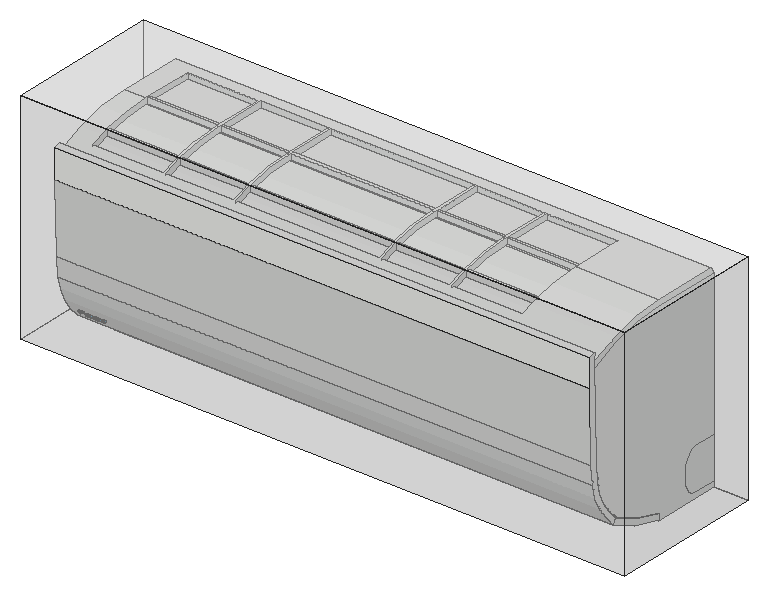
Revit family "outputfile", category 機械設備, Revit 2024
Family settings
  丸型コネクタ寸法 = 半径を使用
  パーツ タイプ = 標準
  OmniClass 番号 = 23.75.10.24.21.27.27
  OmniClass タイトル = Split System Air Conditioning Units
  作業面ベース = いいえ
  常に垂直 = はい
  ロード時にボイドで切り取り = いいえ
  注釈の向きを維持 = いいえ
  共有 = いいえ
  部屋計算ポイント = いいえ
Parameters (values of type "CTKP35VVMG")
  Description = ""
  書き出し IFC クラス(タイプ) = "IfcUnitaryEquipmentType"
  定義済み IFC タイプ(タイプ) = "AIRCONDITIONINGUNIT"
  Cost = 0
  Type Comments = ""
  Keynote = ""
  Type Image = (empty or 0)
  Assembly Code = ""
  w_wall hole = if(Width = 770.0 mm, 48.0 mm, 60.0 mm)  # 48.0 mm
  製造元 = "Daikin"
  モデル = "CTKP35VVMG"
  switch_frequency = yes
  r_Liquid Pipe Size = Liquid Pipe Size / 2  # 3.2 mm
  r_Gas Pipe Size = Gas Pipe Size / 2  # 4.75 mm
  r_Drain Pipe Size = Drain Pipe Size / 2  # 8.0 mm
  lw_powersupply [instance] = if(Width = 770.0 mm, if(or(Rear Right Connection_refrigerant, Bottom Right Connection_refrigerant), 25.0 mm, if(or(Rear Left Connection_refrigerant, Bottom Left Connection_refrigerant), 745.0 mm, 400.0 mm)), if(Width = 990.0 mm, if(or(Rear Right Connection_refrigerant, Bottom Right Connection_refrigerant), 40.0 mm, if(or(Rear Left Connection_refrigerant, Bottom Left Connection_refrigerant), 920.0 mm, 400.0 mm)), if(or(Rear Right Connection_refrigerant, Bottom Right Connection_refrigerant), 40.0 mm, if(or(Rear Left Connection_refrigerant, Bottom Left Connection_refrigerant), 920.0 mm, 400.0 mm))))  # 400.0 mm
  lw_liquidpipe [instance] = if(Width = 770.0 mm, if(or(Rear Right Connection_refrigerant, Bottom Right Connection_refrigerant), 0.0 mm, if(or(Rear Left Connection_refrigerant, Bottom Left Connection_refrigerant), 664.0 mm, 385.0 mm)), if(Width = 990.0 mm, if(or(Rear Right Connection_refrigerant, Bottom Right Connection_refrigerant), 0.0 mm, if(or(Rear Left Connection_refrigerant, Bottom Left Connection_refrigerant), 664.0 mm + (990.0 mm - 770.0 mm), 475.0 mm)), if(or(Rear Right Connection_refrigerant, Bottom Right Connection_refrigerant), 0.0 mm, if(or(Rear Left Connection_refrigerant, Bottom Left Connection_refrigerant), 664.0 mm + (990.0 mm - 770.0 mm), 475.0 mm))))  # 385.0 mm
  lw_gaspipe [instance] = if(Width = 770.0 mm, if(or(Rear Right Connection_refrigerant, Bottom Right Connection_refrigerant), 0.0 mm, if(or(Rear Left Connection_refrigerant, Bottom Left Connection_refrigerant), 675.0 mm, if(Gas Pipe Size = 12.7 mm, 345.0 mm, 335.0 mm))), if(Width = 990.0 mm, if(or(Rear Right Connection_refrigerant, Bottom Right Connection_refrigerant), 10.0 mm, if(or(Rear Left Connection_refrigerant, Bottom Left Connection_refrigerant), 890.0 mm, if(Gas Pipe Size = 15.9 mm, 400.0 mm, 400.0 mm))), if(or(Rear Right Connection_refrigerant, Bottom Right Connection_refrigerant), 10.0 mm, if(or(Rear Left Connection_refrigerant, Bottom Left Connection_refrigerant), 890.0 mm, if(Gas Pipe Size = 15.9 mm, 400.0 mm, 400.0 mm)))))  # 335.0 mm
  lw_drainpipe [instance] = if(Width = 770.0 mm, if(or(Rear Right Connection_refrigerant, Bottom Right Connection_refrigerant), 0.0 mm, if(or(Rear Left Connection_refrigerant, Bottom Left Connection_refrigerant), 770.0 mm - 48.0 mm - 48.0 mm, 440.0 mm)), if(Width = 990.0 mm, if(or(Rear Right Connection_refrigerant, Bottom Right Connection_refrigerant), 0.0 mm, if(or(Rear Left Connection_refrigerant, Bottom Left Connection_refrigerant), 675.0 mm + (990.0 mm - 770.0 mm), 435.0 mm)), if(or(Rear Right Connection_refrigerant, Bottom Right Connection_refrigerant), 0.0 mm, if(or(Rear Left Connection_refrigerant, Bottom Left Connection_refrigerant), 675.0 mm + (990.0 mm - 770.0 mm), 435.0 mm))))  # 440.0 mm
  l_powersupply_length [instance] = if(Width = 770.0 mm, if(Right Connection_refrigerant, 400.0 mm, if(Left Connection_refrigerant, 770.0 mm - 400.0 mm, if(or(Rear Left Connection_refrigerant, Rear Right Connection_refrigerant), 15.0 mm, 50.0 mm))), if(Width = 990.0 mm, if(Right Connection_refrigerant, 400.0 mm, if(Left Connection_refrigerant, 990.0 mm - 400.0 mm, if(or(Rear Left Connection_refrigerant, Rear Right Connection_refrigerant), 15.0 mm, 50.0 mm))), if(Right Connection_refrigerant, 400.0 mm, if(Left Connection_refrigerant, 990.0 mm - 400.0 mm, if(or(Rear Left Connection_refrigerant, Rear Right Connection_refrigerant), 15.0 mm, 50.0 mm)))))  # 400.0 mm
  l_liquidpipe_length [instance] = if(Width = 770.0 mm, if(Right Connection_refrigerant, 433.0 mm, if(Left Connection_refrigerant, 337.0 mm, if(or(Rear Left Connection_refrigerant, Rear Right Connection_refrigerant), 30.0 mm, 40.0 mm))), if(Width = 990.0 mm, if(Right Connection_refrigerant, 535.0 mm, if(Left Connection_refrigerant, 455.0 mm, if(or(Rear Left Connection_refrigerant, Rear Right Connection_refrigerant), 30.0 mm, 40.0 mm))), if(Right Connection_refrigerant, 535.0 mm, if(Left Connection_refrigerant, 455.0 mm, if(or(Rear Left Connection_refrigerant, Rear Right Connection_refrigerant), 30.0 mm, 40.0 mm)))))  # 433.0 mm
  l_gaspipe_length [instance] = if(Width = 770.0 mm, if(Right Connection_refrigerant, if(Gas Pipe Size = 12.7 mm, 393.0 mm, 383.0 mm), if(Left Connection_refrigerant, if(Gas Pipe Size = 12.7 mm, 770.0 mm - 393.0 mm, 770.0 mm - 383.0 mm), if(or(Rear Left Connection_refrigerant, Rear Right Connection_refrigerant), 40.0 mm, 50.0 mm))), if(Width = 990.0 mm, if(Right Connection_refrigerant, if(Gas Pipe Size = 15.9 mm, 460.0 mm, 460.0 mm), if(Left Connection_refrigerant, if(Gas Pipe Size = 15.9 mm, 990.0 mm - 460.0 mm, 990.0 mm - 460.0 mm), if(or(Rear Left Connection_refrigerant, Rear Right Connection_refrigerant), 40.0 mm, 50.0 mm))), if(Right Connection_refrigerant, if(Gas Pipe Size = 15.9 mm, 460.0 mm, 460.0 mm), if(Left Connection_refrigerant, if(Gas Pipe Size = 15.9 mm, 990.0 mm - 460.0 mm, 990.0 mm - 460.0 mm), if(or(Rear Left Connection_refrigerant, Rear Right Connection_refrigerant), 40.0 mm, 50.0 mm)))))  # 383.0 mm
  l_drainpipe_length [instance] = if(Width = 770.0 mm, if(Right Connection_refrigerant, 488.0 mm, if(Left Connection_refrigerant, 282.0 mm, if(or(Rear Left Connection_refrigerant, Rear Right Connection_refrigerant), 15.0 mm, 20.0 mm))), if(Width = 990.0 mm, if(Right Connection_refrigerant, 495.0 mm, if(Left Connection_refrigerant, 495.0 mm, if(or(Rear Left Connection_refrigerant, Rear Right Connection_refrigerant), 15.0 mm, 20.0 mm))), if(Right Connection_refrigerant, 495.0 mm, if(Left Connection_refrigerant, 495.0 mm, if(or(Rear Left Connection_refrigerant, Rear Right Connection_refrigerant), 15.0 mm, 20.0 mm)))))  # 488.0 mm
  h*** = 0.0 mm  # constant formula
  connector_voltage = Voltage_50Hz  # 230 V
  connector_powerinput = [Power Input (Cooling)]  # 0.000 kW
  connector_phase = Phase_50Hz  # 1
  angle_vertical [instance] = if(or(Bottom Left Connection_refrigerant, Bottom Right Connection_refrigerant), 0.00°, 90.00°)  # 90.00°
  angle_horizontal [instance] = if(Right Connection_refrigerant, 90.00°, if(Left Connection_refrigerant, -90.00°, if(or(Rear Left Connection_refrigerant, Rear Right Connection_refrigerant), 180.00°, 0.00°)))  # 90.00°
  Width = 770.0 mm
  Voltage_comment_50Hz = "220 - 240"
  Voltage_50Hz = 230 V
  Version = "ver.1.0"
  Unit Type = "Wall Mounted"
  Unit Mass Weight = 8.00 kg
  Unit Designation [instance] = ""
  Uniclass2015Version = "Products v1.30"
  Uniclass2015Title = "Split coil room air conditioning units"
  Uniclass2015Code = "Pr_70_65_03_86"
  URL = ""
  Total Cooling Capacity [instance] = 0.000 kW
  Sound Pressure Level_M speed (dBA) = 36
  Sound Pressure Level_L speed (dBA) = 26
  Sound Pressure Level_H speed (dBA) = 44
  Sound Power Level_H speed (dB) = 0
  Series = "Multi Split_Fan Coil Unit"
  Sensible Cooling Capacity [instance] = 0.000 kW
  Refrigerant Type = "R32"
  Power Input (Cooling) = 0.000 kW
  Phase_50Hz = 1
  Option Accessory 3 [instance] = ""
  Option Accessory 2 [instance] = ""
  Option Accessory 1 [instance] = ""
  Nominal Cooling Capacity = 3.500 kW
  Minimum Circuit Amps_50Hz = 0.0 A
  Minimum Airflow = 330.00 m³/h
  Median Airflow = 534.00 m³/h
  Maximum Fuse Amps_50Hz = 0.0 A
  Maximum Airflow = 720.00 m³/h
  Material_Casing = DAIKIN_White_Casing_indoorunit
  Load Classification = HVAC
  Liquid Pipe Size = 6.4 mm
  Link_Nested Family [instance] = ""
  IfcVersion = ""
  IfcExportType = "AIRCONDITIONINGUNIT"
  IfcExportAs = "IfcUnitaryEquipmentType"
  Height = 285.0 mm
  Heat Exchanger Type = "Cross Fin Coil"
  Gas Pipe Size = 9.5 mm
  Frequency_50Hz = 50 Hz
  Fan Type = "Cross Flow Fan"
  Fan Drive = "Direct Drive"
  FCU Tag No. [instance] = ""
  Drain Pipe Size = 16.0 mm
  Design Supply Airflow [instance] = 0.00 m³/h
  Depth = 223.0 mm
  既定の高さ = 0.0 mm
  Cooling Entering Wet Bulb Temperature [instance] = 0.00 °C
  Cooling Entering Dry Bulb Temperature [instance] = 0.00 °C
  Cooling Ambient Wet Bulb Temperature [instance] = 0.00 °C
  Cooling Ambient Dry Bulb Temperature [instance] = 0.00 °C
  Clearance visibility [instance] = yes
  Clearance Top = 30.0 mm
  Clearance Right = 50.0 mm
  Clearance Rear = 0.0 mm
  Clearance Left = 50.0 mm
  Clearance Front = 0.0 mm
  Clearance Bottom = 0.0 mm
  Bottom Right Connection_refrigerant [instance] = no
  Bottom Left Connection_refrigerant [instance] = no
  Rear Right Connection_refrigerant [instance] = no
  Rear Left Connection_refrigerant [instance] = no
  Right Connection_refrigerant [instance] = yes
  Left Connection_refrigerant [instance] = no
Reference planes
  plane 1 "Back": y = 0
  plane 2: z = 0
  plane 3 "Center (Left/Right)": x = 0
  plane 4 "Center (Front/Back)": y = -111.5
  plane 5 "Front": y = -223
  plane 6 "Left": x = -385
  plane 7 "Right": x = 385
  plane 8 "Top": z = 0
  plane 9 "Bottom": z = -285
  plane 10: x = -435
  plane 11: x = 435
  plane 12: y = 0
  plane 13: y = -223
  plane 14: z = 30
  plane 15: z = -285
  plane 16 "lw_Piping and Wiring intake": x = 337
  plane 17 "lw_gaspipe": x = 2
  plane 18 "lw_liquidpipe": x = -48
  plane 19 "lw_drainpipe": x = -103
  plane 20 "lh_drainpipe": z = -265
  plane 21 "lh_liquidpipe": z = -245
  plane 22 "lh_gaspipe": z = -235
  plane 23 "ld_drainpipe": y = -15
  plane 24 "ld_liquidpipe": y = -30
  plane 25 "ld_gaspipe": y = -40
  plane 26 "lw_powersupply": x = -15
Dimensions and locks
  equal spacing: plane 6 "Left", plane 3 "Center (Left/Right)", plane 7 "Right"
  "Width": plane 6 "Left" to plane 7 "Right"
  equal spacing: plane 5 "Front", plane 4 "Center (Front/Back)", plane 1 "Back"
  "Depth": plane 5 "Front" to plane 1 "Back"
  "Height": plane 8 "Top" to plane 9 "Bottom"
  "Clearance Rear": plane 12 to plane 1 "Back"
  "Clearance Front": plane 13 to plane 5 "Front"
  "Clearance Top": plane 14 to plane 8 "Top"
  "Clearance Bottom": plane 9 "Bottom" to plane 15
  "w_wall hole": plane 16 "lw_Piping and Wiring intake" to plane 7 "Right"
  "lw_gaspipe": plane 17 "lw_gaspipe" to plane 16 "lw_Piping and Wiring intake"
  "lw_liquidpipe": plane 18 "lw_liquidpipe" to plane 16 "lw_Piping and Wiring intake"
  "lw_drainpipe": plane 19 "lw_drainpipe" to plane 16 "lw_Piping and Wiring intake"
  locked: plane 20 "lh_drainpipe" to plane 9 "Bottom" at 20
  locked: plane 21 "lh_liquidpipe" to plane 9 "Bottom" at 40
  locked: plane 22 "lh_gaspipe" to plane 9 "Bottom" at 50
  locked: plane 23 "ld_drainpipe" to plane 1 "Back" at 15
  locked: plane 1 "Back" to plane 24 "ld_liquidpipe" at 30
  locked: plane 1 "Back" to plane 25 "ld_gaspipe" at 40
  "lw_powersupply": plane 26 "lw_powersupply" to plane 7 "Right"
  "Clearance Left": plane 10 to plane 6 "Left"
  "Clearance Right": plane 7 "Right" to plane 11
  aligned and locked: level to plane 2
  aligned and locked: plane 12 to nested 1
  aligned and locked: nested 1 to plane 13
  aligned and locked: plane 10 to nested 1
  aligned and locked: plane 11 to nested 1
  aligned and locked: plane 15 to nested 1
  aligned and locked: plane 14 to nested 1
  aligned and locked: plane 17 "lw_gaspipe" to nested 2
  aligned and locked: nested 2 to plane 25 "ld_gaspipe"
  aligned and locked: plane 18 "lw_liquidpipe" to nested 3
  aligned and locked: nested 3 to plane 24 "ld_liquidpipe"
  aligned and locked: plane 19 "lw_drainpipe" to nested 4
  aligned and locked: nested 4 to plane 23 "ld_drainpipe"
  aligned and locked: nested 5 to plane 23 "ld_drainpipe"
  aligned and locked: plane 26 "lw_powersupply" to nested 5
  aligned and locked: level to plane 8 "Top"
  aligned and locked: plane 3 "Center (Left/Right)" to nested 6
  aligned and locked: plane 1 "Back" to nested 6
  aligned and locked: plane 8 "Top" to nested 6
Nested families
  nested 1: "daikin_clearancespace" at (0, -111.5, -127.381), show <- "Clearance visibility", visible <- "Clearance visibility", Link_Nested Family <- "Link_Nested Family", type "daikin_clearancespace"
    with width 870.0 mm, show yes, height 315.0 mm, depth 223.0 mm, Link_Nested Family ""
  nested 2: "daikin_connector_rotate3" at (2, -40, -235), angle_vertical <- "angle_vertical", angle_horizontal <- "angle_horizontal", length <- "l_gaspipe_length", radius <- "r_Gas Pipe Size", type "daikin_connector_rotate3"
    with show no, radius 4.75 mm, length 383.0 mm, angle_vertical 90.00°, angle_horizontal 90.00°
  nested 3: "daikin_connector_rotate3" at (-48, -30, -245), angle_vertical <- "angle_vertical", angle_horizontal <- "angle_horizontal", radius <- "r_Liquid Pipe Size", length <- "l_liquidpipe_length", type "daikin_connector_rotate3"
    with show no, radius 3.2 mm, length 433.0 mm, angle_vertical 90.00°, angle_horizontal 90.00°
  nested 4: "daikin_connector_rotate3" at (-103, -15, -265), angle_vertical <- "angle_vertical", angle_horizontal <- "angle_horizontal", length <- "l_drainpipe_length", radius <- "r_Drain Pipe Size", type "daikin_connector_rotate3"
    with show no, radius 8.0 mm, length 488.0 mm, angle_vertical 90.00°, angle_horizontal 90.00°
  nested 5: "daikin_connector_rotate3" at (-15, -15, -235), angle_vertical <- "angle_vertical", angle_horizontal <- "angle_horizontal", length <- "l_powersupply_length", type "daikin_connector_rotate3"
    with show no, radius 10.0 mm, length 400.0 mm, angle_vertical 90.00°, angle_horizontal 90.00°
  nested 6: "DAIKIN_indoorunit_CTKP-VVMG" at (-31, 0, 0), type "CTKP-VVMG"
Connectors
  piping at (385, -40, -235), diameter 9.5, driven by "r_Gas Pipe Size"
    settings: on nested 2, index 1, connector inside diameter 609.6 mm, connector length 0.0 mm, flow factor 0, pipe flow 0.00 m³/h, pressure drop 0.0 Pa, fitting loss kfactor 0, connector angle 0.00°, fixture units 0, engagement length 0.0 mm, angle of deflection 0.00°, flow configuration 1, flow direction 2, fitting loss method 0, system type 29, joint type 0, gender type 0, connector reference index -1, connector utility 0, adjustable connector no, is connector primary yes, connector description "Refrigerant Gas Piping"
  piping at (385, -30, -245), diameter 6.4, driven by "r_Liquid Pipe Size"
    settings: on nested 3, index 2, connector inside diameter 609.6 mm, connector length 0.0 mm, flow factor 0, pipe flow 0.00 m³/h, pressure drop 0.0 Pa, fitting loss kfactor 0, connector angle 0.00°, fixture units 0, engagement length 0.0 mm, angle of deflection 0.00°, flow configuration 1, flow direction 1, fitting loss method 0, system type 29, joint type 0, gender type 0, connector reference index -1, connector utility 0, adjustable connector no, is connector primary no, connector description "Refrigerant Liquid Piping"
  piping at (385, -15, -265), diameter 16, driven by "r_Drain Pipe Size"
    settings: on nested 4, index 3, connector inside diameter 609.6 mm, connector length 0.0 mm, flow factor 0, pipe flow 0.00 m³/h, pressure drop 0.0 Pa, fitting loss kfactor 0, connector angle 0.00°, fixture units 0, engagement length 0.0 mm, angle of deflection 0.00°, flow configuration 1, flow direction 2, fitting loss method 4, system type 16, joint type 0, gender type 0, connector reference index -1, connector utility 0, adjustable connector no, is connector primary no, connector description "Condensate Drain Piping"
  electrical at (385, -15, -235), driven by "Load Classification", driven by "connector_powerinput", driven by "connector_voltage", driven by "connector_phase"
    settings: on nested 5, index 4, voltage 230 V, apparent load 0 VA, apparent load phase1 0 VA, apparent load phase2 0 VA, apparent load phase3 0 VA, power factor 1, load classification "HVAC", number of poles 1, system type 30, power factor state 1, is connector primary yes, connector utility no, sub classification motor no, connector description "Power Supply"
Definition of nested family "daikin_clearancespace"
  Parameters (values of type "daikin_clearancespace")
    Description = "daikin_clearancespace"
    width [instance] = 1823.963 mm
    show [instance] = yes
    material = none
    height [instance] = 1359.762 mm
    depth [instance] = 880.0 mm
    Default Elevation = 0.0 mm
    Link_Nested Family [instance] = ""
  Reference planes
    plane 1 "Center (Front/Back)": y = 0
    plane 2 "Center (Elevation)": z = -0.119
    plane 3 "Center (Left/Right)": x = 0
    plane 4: y = 440
    plane 5: y = -440
    plane 6 "Right": x = 911.982
    plane 7 "Left": x = -911.982
    plane 8 "Top": z = 679.762
    plane 9 "Bottom": z = -680
  Forms (mm)
    Extrusion 1, solid, material <- "material", visible <- "show"
      sketch origin (0, 0, 0) x (1, 0, 0) y (0, 1, 0)
        loop
          line (-911.982, 440) -> (-911.982, -440) -> (911.982, -440) -> (911.982, 440) -> (-911.982, 440)
      from -680 to 679.762
  Lines and regions (mm)
    symbolic lines, visible <- "show"
      curve 1: line (911.982, 440, 0) -> (-911.982, 440, 0)
      curve 2: line (-911.982, 440, 0) -> (-911.982, -440, 0)
      curve 3: line (-911.982, -440, 0) -> (911.982, -440, 0)
      curve 4: line (911.982, -440, 0) -> (911.982, 440, 0)
      curve 5: line (911.982, 0, 679.762) -> (-911.982, 0, 679.762)
      curve 6: line (911.982, 0, -680) -> (911.982, 0, 679.762)
      curve 7: line (-911.982, 0, -680) -> (911.982, 0, -680)
      curve 8: line (-911.982, 0, 679.762) -> (-911.982, 0, -680)
      curve 9: line (0, 440, 679.762) -> (0, -440, 679.762)
      curve 10: line (0, -440, 679.762) -> (0, -440, -680)
      curve 11: line (0, 440, -680) -> (0, 440, 679.762)
      curve 12: line (0, -440, -680) -> (0, 440, -680)
  Dimensions and locks
    "width": plane 7 "Left" to plane 6 "Right"
    "depth": plane 4 to plane 5
    "height": plane 8 "Top" to plane 9 "Bottom"
    equal spacing: plane 7 "Left", plane 3 "Center (Left/Right)", plane 6 "Right"
    equal spacing: plane 4, plane 1 "Center (Front/Back)", plane 5
    equal spacing: plane 8 "Top", plane 2 "Center (Elevation)", plane 9 "Bottom"
    aligned and locked: level to plane 2 "Center (Elevation)"
    aligned and locked: Extrusion 1 sketch curve to plane 4
    aligned and locked: plane 7 "Left" to Extrusion 1 sketch curve
    aligned and locked: Extrusion 1 sketch curve to plane 5
    aligned and locked: Extrusion 1 sketch curve to plane 6 "Right"
    aligned and locked: plane 8 "Top" to Extrusion 1
    aligned and locked: curve 1 to Extrusion 1
    aligned and locked: curve 2 to Extrusion 1
    aligned and locked: curve 3 to Extrusion 1
    aligned and locked: curve 4 to Extrusion 1
    aligned and locked: curve 5 to Extrusion 1
    aligned and locked: curve 6 to Extrusion 1
    aligned and locked: curve 7 to Extrusion 1
    aligned and locked: curve 8 to Extrusion 1
    aligned and locked: curve 9 to Extrusion 1
    aligned and locked: curve 10 to Extrusion 1
    aligned and locked: curve 11 to Extrusion 1
    aligned and locked: curve 12 to Extrusion 1
    aligned and locked: Extrusion 1 to plane 9 "Bottom"
Definition of nested family "DAIKIN_indoorunit_CTKP-VVMG"
  Parameters (values of type "CTKP-VVMG")
    switch_unit1_60 = Width = 990.0 mm  # no
    switch_unit1_25-50 = Width = 770.0 mm  # yes
    Width = 770.0 mm
    WALL HOLE-R = if(Width = 770.0 mm, 48.0 mm, 60.0 mm)  # 48.0 mm
    WALL HOLE Size = if(Width = 770.0 mm, 65.0 mm, 80.0 mm)  # 65.0 mm
    Material_Casing = none
    Height = if(Width = 770.0 mm, 285.0 mm, 295.0 mm)  # 285.0 mm
    Default Elevation = 0.0 mm
  Reference planes
    plane 1 "Center (Front/Back)": y = 0
    plane 2 "reference_level": z = 0
    plane 3 "Center (Left/Right)": x = 31
    plane 4: x = -354
    plane 5: x = 416
    plane 6: z = -285
  Forms (mm)
    Extrusion 1, solid, material <- "Material_Casing", visible <- "switch_unit1_25-50"
      sketch origin (29, 0, 0) x (0, 1, 0) y (0, 0, 1)
        loop
          line (-5, 0) -> (-98, 0)
          arc (-98, 0) -> (-157.611, -7.211) -> (-213.783, -28.427) r 250
          arc (-213.783, -28.427) -> (-213.842, -32.972) -> (-213.892, -37.516) r 2191
          arc (-213.892, -37.516) -> (-157.832, -15.495) -> (-98.07, -8) r 242
          line (-98.07, -8) -> (0, -8) -> (-5, 0)
      from -383 to 387
    Extrusion 2, solid, material <- "Material_Casing", visible <- "switch_unit1_25-50"
      sketch origin (416, 1296.25, 1200) x (0, 1, 0) y (0, 0, 1)
        loop
          line (-1472.998, -1446.91) -> (-1476.998, -1453.839)
          arc (-1476.998, -1453.839) -> (-1437.481, -1472.422) -> (-1395.25, -1483.538) r 240
          line (-1395.25, -1483.538) -> (-1395.25, -1475.422)
          arc (-1395.25, -1475.422) -> (-1435.407, -1464.663) -> (-1472.998, -1446.91) r 232
      from 0 to -47.5
    Extrusion 3, solid, material <- "Material_Casing", visible <- "switch_unit1_25-50"
      sketch origin (29, 0, 0) x (0, 1, 0) y (0, 0, 1)
        loop
          arc (-223, -60.455) -> (-222.414, -110.646) -> (-220.656, -160.81) r 2149.92
          arc (-220.656, -160.81) -> (-219.65, -174.299) -> (-217.853, -187.706) r 229.911
          arc (-217.853, -187.706) -> (-205.371, -223.594) -> (-181.517, -253.17) r 111
          line (-181.517, -253.17) -> (-177.429, -246.093)
          arc (-177.429, -246.093) -> (-198.77, -218.989) -> (-209.965, -186.36) r 103
          arc (-209.965, -186.36) -> (-211.681, -173.586) -> (-212.651, -160.735) r 221.844
          arc (-212.651, -160.735) -> (-214.739, -93.233) -> (-214.74, -25.699) r 2186.828
          arc (-214.74, -25.699) -> (-214.671, -21.467) -> (-214.594, -17.235) r 2192
          line (-214.594, -17.235) -> (-223, -19.961) -> (-223, -60.455)
      from -383 to 387
    Extrusion 4, solid, material <- "Material_Casing", visible <- "switch_unit1_25-50"
      sketch origin (29, 0, -20) x (0, 1, 0) y (0, 0, 1)
        loop
          line (0, -265) -> (0, 12) -> (-98.07, 12)
          arc (-98.07, 12) -> (-157.832, 4.505) -> (-213.892, -17.516) r 242
          arc (-213.892, -17.516) -> (-213.638, -79.114) -> (-211.653, -140.681) r 2191
          arc (-211.653, -140.681) -> (-210.685, -153.501) -> (-208.973, -166.243) r 221
          arc (-208.973, -166.243) -> (-197.471, -199.282) -> (-175.482, -226.491) r 102
          arc (-175.482, -226.491) -> (-138.004, -244.019) -> (-98, -254.579) r 231
          line (-98, -254.579) -> (-98, -265) -> (0, -265)
      from -383 to 387
    Extrusion 5, solid, material <- "Material_Casing", visible <- "switch_unit1_25-50"
      sketch origin (-354, 1296.25, 1200) x (0, 1, 0) y (0, 0, 1)
        loop
          line (-1472.998, -1446.91) -> (-1476.998, -1453.839)
          arc (-1476.998, -1453.839) -> (-1437.481, -1472.422) -> (-1395.25, -1483.538) r 240
          line (-1395.25, -1483.538) -> (-1395.25, -1475.422)
          arc (-1395.25, -1475.422) -> (-1435.407, -1464.663) -> (-1472.998, -1446.91) r 232
      from 47 to 0
    Extrusion 6, solid, material <- "Material_Casing", visible <- "switch_unit1_25-50"
      sketch origin (416, 1296.25, 1200) x (0, 1, 0) y (0, 0, 1)
        loop
          line (-1472.998, -1446.91) -> (-1476.998, -1453.839)
          arc (-1476.998, -1453.839) -> (-1443.437, -1470.168) -> (-1407.75, -1481.097) r 240
          line (-1407.75, -1481.097) -> (-1407.75, -1472.894)
          arc (-1407.75, -1472.894) -> (-1441.363, -1462.385) -> (-1472.998, -1446.91) r 232
      from -116.993 to -48.493
    Extrusion 7, solid, material <- "Material_Casing", visible <- "switch_unit1_25-50"
      sketch origin (416, 1296.25, 1200) x (0, 1, 0) y (0, 0, 1)
        loop
          line (-1472.998, -1446.91) -> (-1476.998, -1453.839)
          arc (-1476.998, -1453.839) -> (-1443.437, -1470.168) -> (-1407.75, -1481.097) r 240
          line (-1407.75, -1481.097) -> (-1407.75, -1472.894)
          arc (-1407.75, -1472.894) -> (-1441.363, -1462.385) -> (-1472.998, -1446.91) r 232
      from -717 to -121.993
    Extrusion 8, void
      sketch origin (31, 0, -235) x (1, 0, 0) y (0, 1, 0)
        loop
          line (-252.674, -22.316) -> (-354.941, -22.316) -> (-354.941, -91.341) -> (-252.674, -91.341) -> (-252.674, -22.316)
        loop
          line (-249.341, -91.341) -> (-151.574, -91.341) -> (-151.574, -22.316) -> (-249.341, -22.316) -> (-249.341, -91.341)
        loop
          line (58.309, -22.316) -> (-148.309, -22.316) -> (-148.309, -91.341) -> (58.309, -91.341) -> (58.309, -22.316)
        loop
          line (61.689, -22.316) -> (61.689, -91.341) -> (159.457, -91.341) -> (159.457, -22.316) -> (61.689, -22.316)
        loop
          line (162.789, -22.316) -> (162.789, -91.341) -> (265.057, -91.341) -> (265.057, -22.316) -> (162.789, -22.316)
        loop
          line (-354.941, -94.659) -> (-354.941, -165.259) -> (-252.674, -165.259) -> (-252.674, -94.659) -> (-354.941, -94.659)
        loop
          line (-249.341, -94.659) -> (-249.341, -165.259) -> (-151.574, -165.259) -> (-151.574, -94.659) -> (-249.341, -94.659)
        loop
          line (-148.309, -94.659) -> (-148.309, -165.259) -> (58.309, -165.259) -> (58.309, -94.659) -> (-148.309, -94.659)
        loop
          line (61.689, -94.659) -> (61.689, -165.259) -> (159.457, -165.259) -> (159.457, -94.659) -> (61.689, -94.659)
        loop
          line (162.789, -94.659) -> (162.789, -165.259) -> (265.057, -165.259) -> (265.057, -94.659) -> (162.789, -94.659)
        loop
          line (-354.941, -167.382) -> (-354.941, -192.681) -> (-252.674, -192.681) -> (-252.674, -167.382) -> (-354.941, -167.382)
        loop
          line (-249.341, -167.382) -> (-249.341, -192.681) -> (-151.574, -192.681) -> (-151.574, -167.382) -> (-249.341, -167.382)
        loop
          line (-148.309, -167.382) -> (-148.309, -192.681) -> (58.309, -192.681) -> (58.309, -167.382) -> (-148.309, -167.382)
        loop
          line (159.457, -167.382) -> (61.689, -167.382) -> (61.689, -192.681) -> (159.457, -192.681) -> (159.457, -167.382)
        loop
          line (265.057, -167.382) -> (162.789, -167.382) -> (162.789, -192.681) -> (265.057, -192.681) -> (265.057, -167.382)
      from 201.638 to 250
    Extrusion 9, solid, material <- "Material_Casing"
      sketch origin (31, 0, 0) x (1, 0, 0) y (0, 0, 1)
        loop
          circle (337, -240.5) r 32.5
        loop
          circle (-337, -240.5) r 32.5
      from 0 to 5
    Extrusion 10, solid, material <- "Material_Casing", visible <- "switch_unit1_25-50"
      sketch origin (416, 1296.25, 1200) x (0, -1, 0) y (0, 0, 1)
        loop
          line (1326.25, -1417) -> (1296.25, -1417) -> (1296.25, -1477) -> (1326.25, -1477)
          arc (1326.25, -1477) -> (1340.393, -1471.142) -> (1346.25, -1457) r 20
          line (1346.25, -1457) -> (1346.25, -1437)
          arc (1346.25, -1437) -> (1340.393, -1422.858) -> (1326.25, -1417) r 20
      from 0 to 5
    Extrusion 11, solid, material <- "Material_Casing", visible <- "switch_unit1_25-50"
      sketch origin (-354, 1296.25, 1200) x (0, 1, 0) y (0, 0, 1)
        loop
          line (-1296.25, -1417) -> (-1326.25, -1417)
          arc (-1326.25, -1417) -> (-1340.393, -1422.858) -> (-1346.25, -1437) r 20
          line (-1346.25, -1437) -> (-1346.25, -1457)
          arc (-1346.25, -1457) -> (-1340.393, -1471.142) -> (-1326.25, -1477) r 20
          line (-1326.25, -1477) -> (-1296.25, -1477) -> (-1296.25, -1417)
      from 0 to 5
    Extrusion 12, solid, material <- "Material_Casing", visible <- "switch_unit1_25-50"
      sketch origin (31, 0, -285) x (-1, 0, 0) y (0, -1, 0)
        loop
          line (-314, 0) -> (-314, 30)
          arc (-314, 30) -> (-319.858, 44.142) -> (-334, 50) r 20
          line (-334, 50) -> (-354, 50)
          arc (-354, 50) -> (-368.142, 44.142) -> (-374, 30) r 20
          line (-374, 30) -> (-374, 0) -> (-314, 0)
        loop
          line (374, 0) -> (374, 30)
          arc (374, 30) -> (368.142, 44.142) -> (354, 50) r 20
          line (354, 50) -> (334, 50)
          arc (334, 50) -> (319.858, 44.142) -> (314, 30) r 20
          line (314, 30) -> (314, 0) -> (374, 0)
      from 0 to 5
    Extrusion 13, solid, material <- "Material_Casing", visible <- "switch_unit1_60"
      sketch origin (31, 0, 0) x (0, 1, 0) y (0, 0, 1)
        loop
          line (-5, 0) -> (-138, 0)
          arc (-138, 0) -> (-197.611, -7.211) -> (-253.783, -28.427) r 250
          arc (-253.783, -28.427) -> (-253.838, -32.687) -> (-253.886, -36.946) r 2191
          arc (-253.886, -36.946) -> (-197.73, -15.346) -> (-138.014, -8) r 246.393
          line (-138.014, -8) -> (0, -8) -> (-5, 0)
      from -495 to 495
    Extrusion 14, solid, material <- "Material_Casing", visible <- "switch_unit1_60"
      sketch origin (418, 1296.25, 1200) x (0, 1, 0) y (0, 0, 1)
        loop
          arc (-1515.208, -1454.149) -> (-1506.856, -1460.599) -> (-1497.925, -1466.219) r 110
          arc (-1497.925, -1466.219) -> (-1445.718, -1487.493) -> (-1389.844, -1494.995) r 223
          line (-1389.844, -1494.995) -> (-1389.844, -1486.086) -> (-1404.386, -1486.086)
          arc (-1404.386, -1486.086) -> (-1449.542, -1477.46) -> (-1491.818, -1459.402) r 214.289
          arc (-1491.818, -1459.402) -> (-1501.056, -1453.541) -> (-1509.606, -1446.715) r 101
          line (-1509.606, -1446.715) -> (-1515.208, -1454.149)
      from 108 to 57.5
    Extrusion 15, solid, material <- "Material_Casing", visible <- "switch_unit1_60"
      sketch origin (31, 0, 0) x (0, 1, 0) y (0, 0, 1)
        loop
          line (-263, -19.962) -> (-263, -61.6)
          arc (-263, -61.6) -> (-262.414, -110.219) -> (-260.656, -158.81) r 2017.341
          arc (-260.656, -158.81) -> (-255.648, -191.935) -> (-244.041, -223.362) r 164.725
          arc (-244.041, -223.362) -> (-233.569, -239.793) -> (-219.717, -253.495) r 87.379
          line (-219.717, -253.495) -> (-214.706, -246.846)
          arc (-214.706, -246.846) -> (-229.564, -230.029) -> (-240.385, -210.371) r 102
          arc (-240.385, -210.371) -> (-249.049, -182.962) -> (-252.848, -154.467) r 165.789
          arc (-252.848, -154.467) -> (-254.771, -90.102) -> (-254.74, -25.708) r 2122.533
          arc (-254.74, -25.708) -> (-254.671, -21.469) -> (-254.594, -17.23) r 2192
          line (-254.594, -17.23) -> (-263, -19.962)
      from -495 to 495
    Extrusion 16, void
      sketch origin (33, 0, 0) x (1, 0, 0) y (0, 1, 0)
        loop
          line (-466.909, -22.316) -> (-466.909, -111.341) -> (-366.303, -111.341) -> (-366.303, -22.316) -> (-466.909, -22.316)
        loop
          line (-362.71, -22.316) -> (-362.71, -111.341) -> (-262.103, -111.341) -> (-262.103, -22.316) -> (-362.71, -22.316)
        loop
          line (-258.51, -22.316) -> (-258.51, -111.341) -> (-157.904, -111.341) -> (-157.904, -22.316) -> (-258.51, -22.316)
        loop
          line (-154.31, -22.316) -> (-154.31, -111.341) -> (-53.704, -111.341) -> (-53.704, -22.316) -> (-154.31, -22.316)
        loop
          line (-50.11, -22.316) -> (-50.11, -111.341) -> (50.496, -111.341) -> (50.496, -22.316) -> (-50.11, -22.316)
        loop
          line (54.089, -22.316) -> (54.089, -111.341) -> (154.696, -111.341) -> (154.696, -22.316) -> (54.089, -22.316)
        loop
          line (158.289, -22.316) -> (158.289, -111.341) -> (258.895, -111.341) -> (258.895, -22.316) -> (158.289, -22.316)
        loop
          line (262.489, -22.316) -> (262.489, -111.341) -> (363.095, -111.341) -> (363.095, -22.316) -> (262.489, -22.316)
        loop
          line (-466.909, -114.459) -> (-466.909, -185.059) -> (-366.303, -185.059) -> (-366.303, -114.459) -> (-466.909, -114.459)
        loop
          line (-362.71, -114.459) -> (-362.71, -185.059) -> (-262.103, -185.059) -> (-262.103, -114.459) -> (-362.71, -114.459)
        loop
          line (-258.51, -114.459) -> (-258.51, -185.059) -> (-157.904, -185.059) -> (-157.904, -114.459) -> (-258.51, -114.459)
        loop
          line (-154.31, -114.459) -> (-154.31, -185.059) -> (-53.704, -185.059) -> (-53.704, -114.459) -> (-154.31, -114.459)
        loop
          line (-50.11, -114.459) -> (-50.11, -185.059) -> (50.496, -185.059) -> (50.496, -114.459) -> (-50.11, -114.459)
        loop
          line (54.089, -114.459) -> (54.089, -185.059) -> (154.696, -185.059) -> (154.696, -114.459) -> (54.089, -114.459)
        loop
          line (158.289, -114.459) -> (158.289, -185.059) -> (258.895, -185.059) -> (258.895, -114.459) -> (158.289, -114.459)
        loop
          line (262.489, -114.459) -> (262.489, -185.059) -> (363.095, -185.059) -> (363.095, -114.459) -> (262.489, -114.459)
        loop
          line (-466.909, -187.382) -> (-466.909, -232.681) -> (-366.303, -232.681) -> (-366.303, -187.382) -> (-466.909, -187.382)
        loop
          line (-362.71, -187.382) -> (-362.71, -232.681) -> (-262.103, -232.681) -> (-262.103, -187.382) -> (-362.71, -187.382)
        loop
          line (-258.51, -187.382) -> (-258.51, -232.681) -> (-157.904, -232.681) -> (-157.904, -187.382) -> (-258.51, -187.382)
        loop
          line (-154.31, -187.382) -> (-154.31, -232.681) -> (-53.704, -232.681) -> (-53.704, -187.382) -> (-154.31, -187.382)
        loop
          line (-50.11, -187.382) -> (-50.11, -232.681) -> (50.496, -232.681) -> (50.496, -187.382) -> (-50.11, -187.382)
        loop
          line (54.089, -187.382) -> (54.089, -232.681) -> (154.696, -232.681) -> (154.696, -187.382) -> (54.089, -187.382)
        loop
          line (158.289, -187.382) -> (158.289, -232.681) -> (258.895, -232.681) -> (258.895, -187.382) -> (158.289, -187.382)
        loop
          line (262.489, -187.382) -> (262.489, -232.681) -> (363.095, -232.681) -> (363.095, -187.382) -> (262.489, -187.382)
      from -40.013 to 47.268
    Extrusion 17, solid, material <- "Material_Casing", visible <- "switch_unit1_60"
      sketch origin (-356, 1296.25, 1200) x (0, 1, 0) y (0, 0, -1)
        loop
          line (-1515.208, 1454.149) -> (-1509.606, 1446.715)
          arc (-1509.606, 1446.715) -> (-1501.056, 1453.541) -> (-1491.818, 1459.402) r 101
          arc (-1491.818, 1459.402) -> (-1449.542, 1477.46) -> (-1404.386, 1486.086) r 214.289
          line (-1404.386, 1486.086) -> (-1389.844, 1486.086) -> (-1389.844, 1494.995)
          arc (-1389.844, 1494.995) -> (-1445.718, 1487.493) -> (-1497.925, 1466.219) r 223
          arc (-1497.925, 1466.219) -> (-1506.856, 1460.599) -> (-1515.208, 1454.149) r 110
      from 108 to 61
    Extrusion 18, solid, material <- "Material_Casing", visible <- "switch_unit1_60"
      sketch origin (418, 1296.25, 1200) x (0, 1, 0) y (0, 0, 1)
        loop
          arc (-1515.208, -1454.149) -> (-1506.856, -1460.599) -> (-1497.925, -1466.219) r 110
          arc (-1497.925, -1466.219) -> (-1463.185, -1482.066) -> (-1426.25, -1491.755) r 223
          line (-1426.25, -1491.755) -> (-1426.25, -1483.166)
          arc (-1426.25, -1483.166) -> (-1460.008, -1473.969) -> (-1491.818, -1459.402) r 214.289
          arc (-1491.818, -1459.402) -> (-1501.056, -1453.541) -> (-1509.606, -1446.715) r 101
          line (-1509.606, -1446.715) -> (-1515.208, -1454.149)
      from 56.5 to -36.993
    Extrusion 19, solid, material <- "Material_Casing", visible <- "switch_unit1_60"
      sketch origin (418, 1296.25, 1200) x (0, 1, 0) y (0, 0, 1)
        loop
          arc (-1426.25, -1483.166) -> (-1443.442, -1479.224) -> (-1460.25, -1473.881) r 214.289
          line (-1460.25, -1473.881) -> (-1460.25, -1483.089)
          arc (-1460.25, -1483.089) -> (-1443.421, -1488.091) -> (-1426.25, -1491.755) r 223
          line (-1426.25, -1491.755) -> (-1426.25, -1483.166)
      from -43.493 to -828.893
    Extrusion 20, solid, material <- "Material_Casing", visible <- "switch_unit1_60"
      sketch origin (418, 1296.25, 1200) x (0, 1, 0) y (0, 0, 1)
        loop
          arc (-1515.208, -1454.149) -> (-1506.856, -1460.599) -> (-1497.925, -1466.219) r 110
          arc (-1497.925, -1466.219) -> (-1479.479, -1475.527) -> (-1460.25, -1483.089) r 223
          line (-1460.25, -1483.089) -> (-1460.25, -1473.881)
          arc (-1460.25, -1473.881) -> (-1476.328, -1467.282) -> (-1491.818, -1459.402) r 214.289
          arc (-1491.818, -1459.402) -> (-1501.056, -1453.541) -> (-1509.606, -1446.715) r 101
          line (-1509.606, -1446.715) -> (-1515.208, -1454.149)
      from -43.493 to -828.893
    Extrusion 21, solid, material <- "Material_Casing", visible <- "switch_unit1_60"
      sketch origin (31, 0, -30) x (0, 1, 0) y (0, 0, 1)
        loop
          line (0, 22) -> (-138.014, 22)
          arc (-138.014, 22) -> (-197.73, 14.654) -> (-253.886, -6.946) r 246.393
          arc (-253.886, -6.946) -> (-253.682, -65.635) -> (-251.855, -124.295) r 2120.935
          arc (-251.855, -124.295) -> (-248.086, -152.682) -> (-239.461, -179.988) r 164.789
          arc (-239.461, -179.988) -> (-228.903, -199.231) -> (-214.437, -215.738) r 101
          line (-214.437, -215.738) -> (-212.406, -216.221)
          arc (-212.406, -216.221) -> (-204.07, -222.837) -> (-195.079, -228.53) r 100
          arc (-195.079, -228.53) -> (-145.557, -248.629) -> (-92.593, -255.785) r 213.289
          line (-92.593, -255.785) -> (-92.593, -265) -> (0, -265) -> (0, 22)
      from -495 to 495
    Extrusion 22, solid, material <- "Material_Casing", visible <- "switch_unit1_60"
      sketch origin (526, 1296.25, 1200) x (0, -1, 0) y (0, 0, 1)
        loop
          line (1326.25, -1427.035) -> (1296.25, -1427.035) -> (1296.25, -1487.035) -> (1326.25, -1487.035)
          arc (1326.25, -1487.035) -> (1340.393, -1481.177) -> (1346.25, -1467.035) r 20
          line (1346.25, -1467.035) -> (1346.25, -1447.035)
          arc (1346.25, -1447.035) -> (1340.393, -1432.892) -> (1326.25, -1427.035) r 20
      from 0 to 5
    Extrusion 23, solid, material <- "Material_Casing", visible <- "switch_unit1_60"
      sketch origin (-459, 1296.25, 1200) x (0, -1, 0) y (0, 0, 1)
        loop
          line (1326.25, -1427.035) -> (1296.25, -1427.035) -> (1296.25, -1487.035) -> (1326.25, -1487.035)
          arc (1326.25, -1487.035) -> (1340.393, -1481.177) -> (1346.25, -1467.035) r 20
          line (1346.25, -1467.035) -> (1346.25, -1447.035)
          arc (1346.25, -1447.035) -> (1340.393, -1432.892) -> (1326.25, -1427.035) r 20
      from 0 to 5
    Extrusion 24, solid, material <- "Material_Casing", visible <- "switch_unit1_60"
      sketch origin (31, 200, -295) x (-1, 0, 0) y (0, -1, 0)
        loop
          line (469, 200) -> (469, 230)
          arc (469, 230) -> (463.142, 244.142) -> (449, 250) r 20
          line (449, 250) -> (429, 250)
          arc (429, 250) -> (414.858, 244.142) -> (409, 230) r 20
          line (409, 230) -> (409, 200) -> (469, 200)
        loop
          line (-469, 200) -> (-409, 200) -> (-409, 230)
          arc (-409, 230) -> (-414.858, 244.142) -> (-429, 250) r 20
          line (-429, 250) -> (-449, 250)
          arc (-449, 250) -> (-463.142, 244.142) -> (-469, 230) r 20
          line (-469, 230) -> (-469, 200)
      from 0 to 5
  Cuts and joins
    Extrusion 8 cuts Extrusion 1
    Extrusion 16 cuts Extrusion 13
  Lines and regions (mm)
    reference lines
      curve 1: line (-523, -201.911, -229.404) -> (-523, -193.542, -239.977)
      curve 2: line (-523, -240.779, -229.404) -> (-523, -232.411, -239.977)
  Dimensions and locks
    locked: Extrusion 10 sketch curve to Extrusion 10 sketch curve at 60
    locked: Extrusion 10 sketch curve to Extrusion 10 sketch curve at 50
    locked: Extrusion 12 sketch curve to Extrusion 12 sketch curve at 60  (x2)
    locked: Extrusion 12 sketch curve to Extrusion 12 sketch curve at 50
    equal spacing: plane 5, plane 3 "Center (Left/Right)", plane 4
    "Width": plane 5 to plane 4
    locked: Extrusion 9 sketch curve to plane 4 at 48
    "WALL HOLE-R": plane 5 to Extrusion 9 sketch curve
    "Height": plane 2 "reference_level" to plane 6
    locked: Extrusion 9 sketch curve to plane 6 at 44.5  (x2)
    locked: Extrusion 15 to nested 2 at 15
    locked: Extrusion 22 sketch curve to Extrusion 22 sketch curve at 60
    locked: Extrusion 22 sketch curve to Extrusion 22 sketch curve at 50
    locked: Extrusion 23 sketch curve to Extrusion 23 sketch curve at 60
    locked: Extrusion 23 sketch curve to Extrusion 23 sketch curve at 50
    locked: Extrusion 24 sketch curve to Extrusion 24 sketch curve at 60  (x2)
    locked: Extrusion 24 sketch curve to Extrusion 24 sketch curve at 50  (x2)
    "WALL HOLE Size": diameter of Extrusion 9 sketch curve  (x2)
    aligned and locked: level to plane 2 "reference_level"
    aligned and locked: nested 1 to curve 1
    aligned and locked: Extrusion 11 sketch curve to Extrusion 10  (x4)
    aligned and locked: Extrusion 12 sketch curve to Extrusion 12 sketch curve  (x2)
    aligned and locked: Extrusion 9 to plane 1 "Center (Front/Back)"
    aligned and locked: nested 2 to curve 2
  Automatic sketch dimensions
    curve 1 to level = 239.977 mm
    plane 1 "Center (Front/Back)" to curve 1 = 193.542 mm
    curve 2 to curve 1 = 0.0 mm
    curve 2 to curve 2 = 10.573 mm
    curve 1 to curve 1 = 10.573 mm
    curve 1 to curve 1 = 8.368 mm
    curve 1 to curve 2 = 30.5 mm
    curve 2 to curve 2 = 8.368 mm
    Extrusion 1 sketch curve to level = 0.0 mm
    Extrusion 1 sketch curve to plane 1 "Center (Front/Back)" = 0.0 mm
    plane 1 "Center (Front/Back)" to Extrusion 1 sketch curve = 5.0 mm
    plane 1 "Center (Front/Back)" to Extrusion 1 sketch curve = 98.0 mm
    Extrusion 1 sketch curve to Extrusion 1 sketch curve = 0.07 mm
    Extrusion 1 sketch curve to level = 59.292 mm
    Extrusion 1 sketch curve to plane 1 "Center (Front/Back)" = 1977.0 mm
    Extrusion 1 sketch curve to level = 250.0 mm
    Extrusion 1 sketch curve to Extrusion 1 sketch curve = 0.0 mm
    Extrusion 1 sketch curve to level = 8.0 mm
    Extrusion 1 sketch curve to level = 28.427 mm
    plane 1 "Center (Front/Back)" to Extrusion 2 sketch curve = 180.748 mm
    Extrusion 2 sketch curve to Extrusion 2 sketch curve = 4.0 mm
    Extrusion 2 sketch curve to Extrusion 2 sketch curve = 77.747 mm
    plane 1 "Center (Front/Back)" to Extrusion 2 sketch curve = 59.279 mm
    Extrusion 2 sketch curve to Extrusion 2 sketch curve = 0.0 mm
    Extrusion 2 sketch curve to level = 283.538 mm
    Extrusion 2 sketch curve to Extrusion 2 sketch curve = 8.116 mm
    Extrusion 2 sketch curve to Extrusion 2 sketch curve = 21.583 mm
    Extrusion 2 sketch curve to Extrusion 2 sketch curve = 6.929 mm
    Extrusion 3 sketch curve to level = 19.961 mm
    plane 1 "Center (Front/Back)" to Extrusion 3 sketch curve = 223.0 mm
    Extrusion 3 sketch curve to level = 17.235 mm
    Extrusion 3 sketch curve to Extrusion 3 sketch curve = 8.406 mm
    plane 1 "Center (Front/Back)" to Extrusion 3 sketch curve = 181.517 mm
    Extrusion 3 sketch curve to Extrusion 3 sketch curve = 4.087 mm
    Extrusion 3 sketch curve to Extrusion 3 sketch curve = 69.11 mm
    Extrusion 3 sketch curve to Extrusion 3 sketch curve = 0.001 mm
    Extrusion 3 sketch curve to plane 1 "Center (Front/Back)" = 8.955 mm
    Extrusion 3 sketch curve to Extrusion 3 sketch curve = 0.067 mm
    Extrusion 3 sketch curve to level = 60.455 mm
    Extrusion 3 sketch curve to Extrusion 3 sketch curve = 1917.898 mm
    Extrusion 3 sketch curve to Extrusion 3 sketch curve = 44.907 mm
    Extrusion 3 sketch curve to Extrusion 3 sketch curve = 5.172 mm
    Extrusion 3 sketch curve to level = 150.456 mm
    Extrusion 3 sketch curve to Extrusion 3 sketch curve = 0.006 mm
    Extrusion 3 sketch curve to Extrusion 3 sketch curve = 19.265 mm
    Extrusion 3 sketch curve to Extrusion 3 sketch curve = 0.004 mm
    Extrusion 3 sketch curve to Extrusion 3 sketch curve = 76.368 mm
    Extrusion 3 sketch curve to Extrusion 3 sketch curve = 7.077 mm
    Extrusion 3 sketch curve to Extrusion 3 sketch curve = 1.002 mm
    Extrusion 3 sketch curve to Extrusion 3 sketch curve = 0.046 mm
    Extrusion 3 sketch curve to Extrusion 3 sketch curve = 8.005 mm
    Extrusion 3 sketch curve to Extrusion 3 sketch curve = 0.147 mm
    Extrusion 3 sketch curve to Extrusion 3 sketch curve = 0.0 mm
    Extrusion 4 sketch curve to plane 1 "Center (Front/Back)" = 0.0 mm
    plane 1 "Center (Front/Back)" to Extrusion 4 sketch curve = 59.278 mm
    Extrusion 4 sketch curve to Extrusion 4 sketch curve = 98.0 mm
    Extrusion 4 sketch curve to Extrusion 4 sketch curve = 0.0 mm  (x3)
    Extrusion 4 sketch curve to level = 8.0 mm
    Extrusion 4 sketch curve to Extrusion 4 sketch curve = 38.791 mm
    Extrusion 4 sketch curve to Extrusion 4 sketch curve = 10.249 mm
    Extrusion 4 sketch curve to plane 1 "Center (Front/Back)" = 9.11 mm
    Extrusion 4 sketch curve to level = 59.292 mm
    Extrusion 4 sketch curve to Extrusion 4 sketch curve = 1967.89 mm
    Extrusion 4 sketch curve to Extrusion 4 sketch curve = 142.454 mm
    Extrusion 4 sketch curve to Extrusion 4 sketch curve = 19.271 mm
    Extrusion 4 sketch curve to Extrusion 4 sketch curve = 80.275 mm
    Extrusion 4 sketch curve to Extrusion 4 sketch curve = 24.579 mm
    Extrusion 4 sketch curve to Extrusion 4 sketch curve = 10.421 mm
    Extrusion 4 sketch curve to level = 46.847 mm
    Extrusion 4 sketch curve to Extrusion 4 sketch curve = 77.412 mm
    Extrusion 4 sketch curve to Extrusion 4 sketch curve = 33.49 mm
    Extrusion 4 sketch curve to Extrusion 4 sketch curve = 2.68 mm
    plane 1 "Center (Front/Back)" to Extrusion 5 sketch curve = 180.748 mm
    Extrusion 5 sketch curve to Extrusion 5 sketch curve = 4.0 mm
    Extrusion 5 sketch curve to Extrusion 5 sketch curve = 77.747 mm
    plane 1 "Center (Front/Back)" to Extrusion 5 sketch curve = 59.279 mm
    Extrusion 5 sketch curve to Extrusion 5 sketch curve = 0.0 mm
    Extrusion 5 sketch curve to level = 283.538 mm
    Extrusion 5 sketch curve to Extrusion 5 sketch curve = 8.116 mm
    Extrusion 5 sketch curve to Extrusion 5 sketch curve = 21.583 mm
    Extrusion 5 sketch curve to Extrusion 5 sketch curve = 6.929 mm
    plane 1 "Center (Front/Back)" to Extrusion 6 sketch curve = 180.748 mm
    Extrusion 6 sketch curve to Extrusion 6 sketch curve = 4.0 mm
    Extrusion 6 sketch curve to Extrusion 6 sketch curve = 65.247 mm
    plane 1 "Center (Front/Back)" to Extrusion 6 sketch curve = 59.279 mm
    Extrusion 6 sketch curve to Extrusion 6 sketch curve = 0.0 mm
    Extrusion 6 sketch curve to level = 281.097 mm
    Extrusion 6 sketch curve to Extrusion 6 sketch curve = 8.203 mm
    Extrusion 6 sketch curve to Extrusion 6 sketch curve = 19.055 mm
    Extrusion 6 sketch curve to Extrusion 6 sketch curve = 6.929 mm
    plane 1 "Center (Front/Back)" to Extrusion 7 sketch curve = 180.748 mm
    Extrusion 7 sketch curve to Extrusion 7 sketch curve = 4.0 mm
    Extrusion 7 sketch curve to Extrusion 7 sketch curve = 65.247 mm
    plane 1 "Center (Front/Back)" to Extrusion 7 sketch curve = 59.279 mm
    Extrusion 7 sketch curve to Extrusion 7 sketch curve = 0.0 mm
    Extrusion 7 sketch curve to level = 281.097 mm
    Extrusion 7 sketch curve to Extrusion 7 sketch curve = 8.203 mm
    Extrusion 7 sketch curve to Extrusion 7 sketch curve = 19.055 mm
    Extrusion 7 sketch curve to Extrusion 7 sketch curve = 6.929 mm
    plane 1 "Center (Front/Back)" to Extrusion 8 sketch curve = 165.259 mm  (x2)
    Extrusion 8 sketch curve to plane 3 "Center (Left/Right)" = 354.941 mm
    plane 1 "Center (Front/Back)" to Extrusion 8 sketch curve = 22.316 mm  (x3)
    Extrusion 8 sketch curve to Extrusion 8 sketch curve = 0.0 mm  (x26)
    Extrusion 8 sketch curve to Extrusion 8 sketch curve = 102.268 mm  (x2)
    Extrusion 8 sketch curve to Extrusion 8 sketch curve = 3.332 mm  (x4)
    Extrusion 8 sketch curve to Extrusion 8 sketch curve = 97.768 mm  (x2)
    Extrusion 8 sketch curve to Extrusion 8 sketch curve = 3.264 mm  (x3)
    plane 3 "Center (Left/Right)" to Extrusion 8 sketch curve = 58.309 mm
    Extrusion 8 sketch curve to Extrusion 8 sketch curve = 3.38 mm  (x3)
    Extrusion 8 sketch curve to Extrusion 8 sketch curve = 2.124 mm  (x6)
    Extrusion 8 sketch curve to Extrusion 8 sketch curve = 25.299 mm  (x2)
    Extrusion 8 sketch curve to Extrusion 8 sketch curve = 70.6 mm
    Extrusion 8 sketch curve to Extrusion 8 sketch curve = 3.317 mm  (x4)
    Extrusion 10 sketch curve to plane 1 "Center (Front/Back)" = 0.0 mm
    Extrusion 10 sketch curve to Extrusion 10 sketch curve = 20.0 mm  (x2)
    Extrusion 10 sketch curve to level = 277.0 mm
    plane 1 "Center (Front/Back)" to Extrusion 12 sketch curve = 0.0 mm
    plane 3 "Center (Left/Right)" to Extrusion 12 sketch curve = 374.0 mm
    Extrusion 12 sketch curve to Extrusion 12 sketch curve = 20.0 mm  (x3)
    plane 1 "Center (Front/Back)" to Extrusion 12 sketch curve = 30.0 mm
    Extrusion 12 sketch curve to plane 3 "Center (Left/Right)" = 314.0 mm
    Extrusion 13 sketch curve to level = 0.0 mm
    Extrusion 13 sketch curve to plane 1 "Center (Front/Back)" = 0.0 mm
    plane 1 "Center (Front/Back)" to Extrusion 13 sketch curve = 5.0 mm
    Extrusion 13 sketch curve to Extrusion 13 sketch curve = 133.0 mm
    Extrusion 13 sketch curve to Extrusion 13 sketch curve = 0.013 mm
    Extrusion 13 sketch curve to level = 59.292 mm
    Extrusion 13 sketch curve to plane 1 "Center (Front/Back)" = 1937.0 mm
    Extrusion 13 sketch curve to Extrusion 13 sketch curve = 250.0 mm
    Extrusion 13 sketch curve to Extrusion 13 sketch curve = 4.393 mm
    Extrusion 13 sketch curve to level = 8.0 mm
    Extrusion 13 sketch curve to level = 28.427 mm
    plane 1 "Center (Front/Back)" to Extrusion 14 sketch curve = 218.957 mm
    Extrusion 14 sketch curve to Extrusion 14 sketch curve = 5.601 mm
    Extrusion 14 sketch curve to Extrusion 14 sketch curve = 65.735 mm
    Extrusion 14 sketch curve to Extrusion 14 sketch curve = 1.462 mm
    plane 1 "Center (Front/Back)" to Extrusion 14 sketch curve = 108.136 mm
    Extrusion 14 sketch curve to Extrusion 14 sketch curve = 14.543 mm
    plane 1 "Center (Front/Back)" to Extrusion 14 sketch curve = 92.093 mm
    Extrusion 14 sketch curve to Extrusion 14 sketch curve = 1.354 mm
    Extrusion 14 sketch curve to level = 294.995 mm
    Extrusion 14 sketch curve to Extrusion 14 sketch curve = 8.909 mm
    Extrusion 14 sketch curve to Extrusion 14 sketch curve = 31.937 mm
    Extrusion 14 sketch curve to Extrusion 14 sketch curve = 7.433 mm
    Extrusion 14 sketch curve to Extrusion 14 sketch curve = 75.403 mm
    Extrusion 14 sketch curve to Extrusion 14 sketch curve = 0.896 mm
    Extrusion 14 sketch curve to level = 72.504 mm
    Extrusion 14 sketch curve to Extrusion 14 sketch curve = 0.504 mm
    Extrusion 15 sketch curve to level = 19.962 mm
    plane 1 "Center (Front/Back)" to Extrusion 15 sketch curve = 263.0 mm
    Extrusion 15 sketch curve to level = 17.23 mm
    Extrusion 15 sketch curve to Extrusion 15 sketch curve = 8.406 mm
    Extrusion 15 sketch curve to Extrusion 15 sketch curve = 43.283 mm
    Extrusion 15 sketch curve to Extrusion 15 sketch curve = 5.011 mm
    Extrusion 15 sketch curve to Extrusion 15 sketch curve = 49.129 mm
    Extrusion 15 sketch curve to Extrusion 15 sketch curve = 19.417 mm
    Extrusion 15 sketch curve to Extrusion 15 sketch curve = 50.037 mm
    Extrusion 15 sketch curve to Extrusion 15 sketch curve = 8.89 mm
    Extrusion 15 sketch curve to level = 61.6 mm
    Extrusion 15 sketch curve to plane 1 "Center (Front/Back)" = 1754.341 mm
    Extrusion 15 sketch curve to level = 58.909 mm
    Extrusion 15 sketch curve to Extrusion 15 sketch curve = 113.192 mm
    Extrusion 15 sketch curve to Extrusion 15 sketch curve = 69.467 mm
    Extrusion 15 sketch curve to level = 146.886 mm
    Extrusion 15 sketch curve to Extrusion 15 sketch curve = 3.987 mm
    Extrusion 15 sketch curve to Extrusion 15 sketch curve = 20.44 mm
    Extrusion 15 sketch curve to Extrusion 15 sketch curve = 13.597 mm
    Extrusion 15 sketch curve to Extrusion 15 sketch curve = 61.936 mm
    Extrusion 15 sketch curve to Extrusion 15 sketch curve = 6.649 mm
    Extrusion 15 sketch curve to level = 59.438 mm
    Extrusion 15 sketch curve to Extrusion 15 sketch curve = 0.0 mm
    Extrusion 15 sketch curve to Extrusion 15 sketch curve = 0.147 mm
    Extrusion 15 sketch curve to Extrusion 15 sketch curve = 7.808 mm
    plane 1 "Center (Front/Back)" to Extrusion 16 sketch curve = 22.316 mm  (x6)
    Extrusion 16 sketch curve to plane 3 "Center (Left/Right)" = 464.909 mm
    Extrusion 16 sketch curve to Extrusion 16 sketch curve = 0.0 mm  (x27)
    Extrusion 16 sketch curve to Extrusion 16 sketch curve = 100.606 mm  (x7)
    Extrusion 16 sketch curve to Extrusion 16 sketch curve = 3.594 mm  (x16)
    Extrusion 16 sketch curve to plane 3 "Center (Left/Right)" = 51.704 mm
    plane 3 "Center (Left/Right)" to Extrusion 16 sketch curve = 52.496 mm  (x2)
    Extrusion 16 sketch curve to Extrusion 16 sketch curve = 89.026 mm  (x6)
    Extrusion 16 sketch curve to Extrusion 16 sketch curve = 3.117 mm  (x8)
    Extrusion 16 sketch curve to Extrusion 16 sketch curve = 70.6 mm  (x7)
    Extrusion 16 sketch curve to Extrusion 16 sketch curve = 2.324 mm  (x8)
    Extrusion 16 sketch curve to Extrusion 16 sketch curve = 45.299 mm  (x7)
    plane 1 "Center (Front/Back)" to Extrusion 17 sketch curve = 218.957 mm
    Extrusion 17 sketch curve to Extrusion 17 sketch curve = 5.601 mm
    Extrusion 17 sketch curve to Extrusion 17 sketch curve = 65.735 mm
    Extrusion 17 sketch curve to Extrusion 17 sketch curve = 1.462 mm
    plane 1 "Center (Front/Back)" to Extrusion 17 sketch curve = 108.136 mm
    Extrusion 17 sketch curve to Extrusion 17 sketch curve = 14.543 mm
    plane 1 "Center (Front/Back)" to Extrusion 17 sketch curve = 92.093 mm
    Extrusion 17 sketch curve to Extrusion 17 sketch curve = 1.354 mm
    Extrusion 17 sketch curve to level = 72.0 mm
    Extrusion 17 sketch curve to Extrusion 17 sketch curve = 0.504 mm
    Extrusion 17 sketch curve to Extrusion 17 sketch curve = 98.416 mm
    Extrusion 17 sketch curve to Extrusion 17 sketch curve = 0.896 mm
    Extrusion 17 sketch curve to Extrusion 17 sketch curve = 76.3 mm
    Extrusion 17 sketch curve to Extrusion 17 sketch curve = 7.433 mm
    Extrusion 17 sketch curve to Extrusion 17 sketch curve = 26.684 mm
    Extrusion 17 sketch curve to Extrusion 17 sketch curve = 8.909 mm
    plane 1 "Center (Front/Back)" to Extrusion 18 sketch curve = 218.957 mm
    Extrusion 18 sketch curve to Extrusion 18 sketch curve = 5.601 mm
    Extrusion 18 sketch curve to Extrusion 18 sketch curve = 65.735 mm
    Extrusion 18 sketch curve to Extrusion 18 sketch curve = 1.462 mm
    Extrusion 18 sketch curve to Extrusion 18 sketch curve = 83.356 mm
    plane 1 "Center (Front/Back)" to Extrusion 18 sketch curve = 92.093 mm
    Extrusion 18 sketch curve to Extrusion 18 sketch curve = 1.354 mm
    Extrusion 18 sketch curve to level = 291.755 mm
    Extrusion 18 sketch curve to Extrusion 18 sketch curve = 8.588 mm
    Extrusion 18 sketch curve to Extrusion 18 sketch curve = 29.018 mm
    Extrusion 18 sketch curve to Extrusion 18 sketch curve = 7.433 mm
    Extrusion 18 sketch curve to Extrusion 18 sketch curve = 75.403 mm
    Extrusion 18 sketch curve to Extrusion 18 sketch curve = 0.896 mm
    Extrusion 18 sketch curve to level = 72.504 mm
    Extrusion 18 sketch curve to Extrusion 18 sketch curve = 0.504 mm
    plane 1 "Center (Front/Back)" to Extrusion 19 sketch curve = 164.0 mm
    Extrusion 19 sketch curve to Extrusion 19 sketch curve = 34.0 mm
    plane 1 "Center (Front/Back)" to Extrusion 19 sketch curve = 92.093 mm
    Extrusion 19 sketch curve to Extrusion 19 sketch curve = 1.354 mm
    Extrusion 19 sketch curve to level = 291.755 mm
    Extrusion 19 sketch curve to Extrusion 19 sketch curve = 8.588 mm
    Extrusion 19 sketch curve to Extrusion 19 sketch curve = 0.077 mm
    Extrusion 19 sketch curve to Extrusion 19 sketch curve = 9.207 mm
    plane 1 "Center (Front/Back)" to Extrusion 20 sketch curve = 218.957 mm
    Extrusion 20 sketch curve to Extrusion 20 sketch curve = 5.601 mm
    Extrusion 20 sketch curve to Extrusion 20 sketch curve = 49.356 mm
    Extrusion 20 sketch curve to Extrusion 20 sketch curve = 65.735 mm
    Extrusion 20 sketch curve to Extrusion 20 sketch curve = 1.462 mm
    plane 1 "Center (Front/Back)" to Extrusion 20 sketch curve = 92.093 mm
    Extrusion 20 sketch curve to Extrusion 20 sketch curve = 1.354 mm
    Extrusion 20 sketch curve to level = 283.089 mm
    Extrusion 20 sketch curve to Extrusion 20 sketch curve = 9.207 mm
    Extrusion 20 sketch curve to Extrusion 20 sketch curve = 19.733 mm
    Extrusion 20 sketch curve to Extrusion 20 sketch curve = 7.433 mm
    Extrusion 20 sketch curve to Extrusion 20 sketch curve = 75.403 mm
    Extrusion 20 sketch curve to Extrusion 20 sketch curve = 0.896 mm
    Extrusion 20 sketch curve to level = 72.504 mm
    Extrusion 20 sketch curve to Extrusion 20 sketch curve = 0.504 mm
    Extrusion 21 sketch curve to Extrusion 21 sketch curve = 0.0 mm  (x4)
    Extrusion 21 sketch curve to plane 1 "Center (Front/Back)" = 0.0 mm
    plane 1 "Center (Front/Back)" to Extrusion 21 sketch curve = 87.233 mm
    Extrusion 21 sketch curve to Extrusion 21 sketch curve = 3.506 mm
    Extrusion 21 sketch curve to Extrusion 21 sketch curve = 92.593 mm
    Extrusion 21 sketch curve to Extrusion 21 sketch curve = 45.42 mm
    Extrusion 21 sketch curve to Extrusion 21 sketch curve = 58.927 mm
    Extrusion 21 sketch curve to Extrusion 21 sketch curve = 74.393 mm
    Extrusion 21 sketch curve to Extrusion 21 sketch curve = 2.031 mm
    Extrusion 21 sketch curve to level = 58.927 mm
    Extrusion 21 sketch curve to plane 1 "Center (Front/Back)" = 1866.935 mm
    Extrusion 21 sketch curve to level = 72.504 mm
    Extrusion 21 sketch curve to Extrusion 21 sketch curve = 74.381 mm
    Extrusion 21 sketch curve to Extrusion 21 sketch curve = 24.427 mm
    Extrusion 21 sketch curve to Extrusion 21 sketch curve = 74.426 mm
    Extrusion 21 sketch curve to Extrusion 21 sketch curve = 0.483 mm
    Extrusion 21 sketch curve to Extrusion 21 sketch curve = 4.137 mm
    Extrusion 21 sketch curve to Extrusion 21 sketch curve = 31.393 mm
    Extrusion 21 sketch curve to Extrusion 21 sketch curve = 9.215 mm
    Extrusion 21 sketch curve to level = 8.0 mm
    Extrusion 22 sketch curve to plane 1 "Center (Front/Back)" = 0.0 mm
